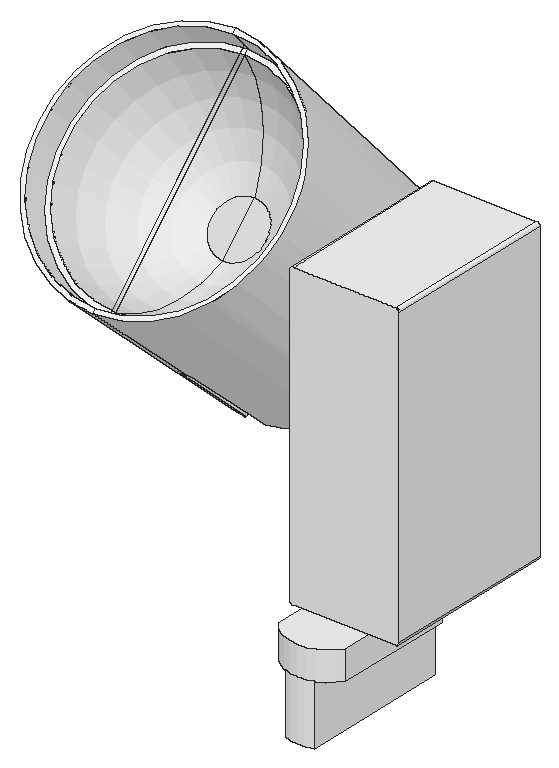
Revit family "0004834 Feilo Sylvania Lighting Fixture START TRACK SPOT L 55W 4K RA80 WB WHITE", category Lighting Fixtures, host Face, Revit 2017 (continued)
Definition of nested family "Start Track Spot Head"
  Types (96, lengths in mm): name | Wattage | built-in parameter 1150134 | Photometric Web File | Model | built-in parameter 1150105 | Lumens | built-in parameter 1150107 | built-in parameter 1150106 | HeadThickness_FEILO | HeadRibOffset_FEILO | HeadRibDepth_FEILO | HeadRibCutWidth_FEILO | HeadRibCutOffset_FEILO | HeadReflectorRadius_FEILO | HeadReflectorOffset_FEILO | HeadLEDRadius_FEILO | HeadHeight_FEILO | HeadDiffusorOffset_FEILO | HeadDiaOut_FEILO | HeadDiaIn_FEILO | HeadAxisFromTop_FEILO | Emit from Circle Diameter | built-in parameter 1150104 | Description | Apparent Load
    0004864 START TRACK SPOT S 24W 3K RA90 WB WHITE | 24 W | (empty or 0) | "0004864.ies" | "START TRACK SPOT S 24W 3K RA90 WB WHITE" | 152.79 (stored number, unit not read) | 1920 lm | 3000 (stored number, unit not read) | 1.5279 (stored number, unit not read) | 1.5 | 4.179 | 55.714 | 7.167 | 50.87 | 50.588 | 55.714 | 9.556 | 117 | 9.435 | 86 | 77.477 | 69.354 | 77.477 | 7.4322 (stored number, unit not read) | "Integrated LED spotlight, Textured White - RAL9016, compact and minimalist design, ideal for retail applications, die-cast aluminium body, passive cooling heatsink. Beam angle: 64°, color temperature: 3000K , total system power: 24W, total fixture output: 1928 lm, LOR: 100%, colour rendering: Ra: 90 typical, LED Chromaticity: 3 step MacAdam ellipse, lifetime: >50000 hours at L70B50, energy class: A++, A+, A, IR/UV free light source without heat radiation, operating voltage: 220-240V / 50-60Hz, drive current: 600mA, electronic driver, non-dimmable, power factor: 0.95, electrical protection: Class II, Global Track 3 Phase adapter suitable for Global trac 3-circuit tracks, ingress protection rating: IP20, suitable for internal environment only, horizontal rotation: 355°, vertical tilt: 90°, dimensions: Ø86x140x200, weight: 0.966kg." | 24 VA
    0004863 START TRACK SPOT S 24W 3K RA90 MB WHITE | 24 W | (empty or 0) | "0004863.ies" | "START TRACK SPOT S 24W 3K RA90 MB WHITE" | 154.7 (stored number, unit not read) | 1944 lm | 3000 (stored number, unit not read) | 1.547 (stored number, unit not read) | 1.5 | 4.179 | 55.714 | 7.167 | 50.87 | 50.588 | 55.714 | 9.556 | 117 | 9.435 | 86 | 77.477 | 69.354 | 77.477 | 7.5251 (stored number, unit not read) | "Integrated LED spotlight, Textured White - RAL9016, compact and minimalist design, ideal for retail applications, die-cast aluminium body, passive cooling heatsink. Beam angle: 36°, color temperature: 3000K , total system power: 24W, total fixture output: 1944 lm, LOR: 100%, colour rendering: Ra: 90 typical, LED Chromaticity: 3 step MacAdam ellipse, lifetime: >50000 hours at L70B50, energy class: A++, A+, A, IR/UV free light source without heat radiation, operating voltage: 220-240V / 50-60Hz, drive current: 600mA, electronic driver, non-dimmable, power factor: 0.95, electrical protection: Class II, Global Track 3 Phase adapter suitable for Global trac 3-circuit tracks, ingress protection rating: IP20, suitable for internal environment only, horizontal rotation: 355°, vertical tilt: 90°, dimensions: Ø86x140x200, weight: 0.966kg." | 24 VA
    0004862 START TRACK SPOT S 24W 3K RA90 NB WHITE | 24 W | (empty or 0) | "0004862.ies" | "START TRACK SPOT S 24W 3K RA90 NB WHITE" | 158.52 (stored number, unit not read) | 1992 lm | 3000 (stored number, unit not read) | 1.5852 (stored number, unit not read) | 1.5 | 4.179 | 55.714 | 7.167 | 50.87 | 50.588 | 55.714 | 9.556 | 117 | 9.435 | 86 | 77.477 | 69.354 | 77.477 | 7.711 (stored number, unit not read) | "Integrated LED spotlight, Textured White - RAL9016, compact and minimalist design, ideal for retail applications, die-cast aluminium body, passive cooling heatsink. Beam angle: 12°, color temperature: 3000K , total system power: 24W, total fixture output: 1987 lm, LOR: 100%, colour rendering: Ra: 90 typical, LED Chromaticity: 3 step MacAdam ellipse, lifetime: >50000 hours at L70B50, energy class: A++, A+, A, IR/UV free light source without heat radiation, operating voltage: 220-240V / 50-60Hz, drive current: 600mA, electronic driver, non-dimmable, power factor: 0.95, electrical protection: Class II, Global Track 3 Phase adapter suitable for Global trac 3-circuit tracks, ingress protection rating: IP20, suitable for internal environment only, horizontal rotation: 355°, vertical tilt: 90°, dimensions: Ø86x140x200, weight: 0.966kg." | 24 VA
    0004861 START TRACK SPOT S 14W 3K RA90 WB WHITE | 14 W | (empty or 0) | "0004861.ies" | "START TRACK SPOT S 14W 3K RA90 WB WHITE" | 100.27 (stored number, unit not read) | 1260 lm | 3000 (stored number, unit not read) | 1.0027 (stored number, unit not read) | 1.5 | 4.179 | 55.714 | 7.167 | 50.87 | 50.588 | 55.714 | 9.556 | 117 | 9.435 | 86 | 77.477 | 69.354 | 77.477 | 8.3613 (stored number, unit not read) | "Integrated LED spotlight, Textured White - RAL9016, compact and minimalist design, ideal for retail applications, die-cast aluminium body, passive cooling heatsink. Beam angle: 64°, color temperature: 3000K , total system power: 14W, total fixture output: 1262 lm, LOR: 100%, colour rendering: Ra: 90 typical, LED Chromaticity: 3 step MacAdam ellipse, lifetime: >50000 hours at L70B50, energy class: A++, A+, A, IR/UV free light source without heat radiation, operating voltage: 220-240V / 50-60Hz, drive current: 350mA, electronic driver, non-dimmable, power factor: 0.92, electrical protection: Class II, Global Track 3 Phase adapter suitable for Global trac 3-circuit tracks, ingress protection rating: IP20, suitable for internal environment only, horizontal rotation: 355°, vertical tilt: 90°, dimensions: Ø86x140x200, weight: 0.940kg." | 14 VA
    0004860 START TRACK SPOT S 14W 3K RA90 MB WHITE | 14 W | (empty or 0) | "0004860.ies" | "START TRACK SPOT S 14W 3K RA90 MB WHITE" | 100.27 (stored number, unit not read) | 1260 lm | 3000 (stored number, unit not read) | 1.0027 (stored number, unit not read) | 1.5 | 4.179 | 55.714 | 7.167 | 50.87 | 50.588 | 55.714 | 9.556 | 117 | 9.435 | 86 | 77.477 | 69.354 | 77.477 | 8.3613 (stored number, unit not read) | "Integrated LED spotlight, Textured White - RAL9016, compact and minimalist design, ideal for retail applications, die-cast aluminium body, passive cooling heatsink. Beam angle: 36°, color temperature: 3000K , total system power: 14W, total fixture output: 1262 lm, LOR: 100%, colour rendering: Ra: 90 typical, LED Chromaticity: 3 step MacAdam ellipse, lifetime: >50000 hours at L70B50, energy class: A++, A+, A, IR/UV free light source without heat radiation, operating voltage: 220-240V / 50-60Hz, drive current: 350mA, electronic driver, non-dimmable, power factor: 0.92, electrical protection: Class II, Global Track 3 Phase adapter suitable for Global trac 3-circuit tracks, ingress protection rating: IP20, suitable for internal environment only, horizontal rotation: 355°, vertical tilt: 90°, dimensions: Ø86x140x200, weight: 0.940kg." | 14 VA
    0004859 START TRACK SPOT S 14W 3K RA90 NB WHITE | 14 W | (empty or 0) | "0004859.ies" | "START TRACK SPOT S 14W 3K RA90 NB WHITE" | 102.5 (stored number, unit not read) | 1288 lm | 3000 (stored number, unit not read) | 1.025 (stored number, unit not read) | 1.5 | 4.179 | 55.714 | 7.167 | 50.87 | 50.588 | 55.714 | 9.556 | 117 | 9.435 | 86 | 77.477 | 69.354 | 77.477 | 8.5471 (stored number, unit not read) | "Integrated LED spotlight, Textured White - RAL9016, compact and minimalist design, ideal for retail applications, die-cast aluminium body, passive cooling heatsink. Beam angle: 12°, color temperature: 3000K , total system power: 14W, total fixture output: 1284 lm, LOR: 100%, colour rendering: Ra: 90 typical, LED Chromaticity: 3 step MacAdam ellipse, lifetime: >50000 hours at L70B50, energy class: A++, A+, A, IR/UV free light source without heat radiation, operating voltage: 220-240V / 50-60Hz, drive current: 350mA, electronic driver, non-dimmable, power factor: 0.92, electrical protection: Class II, Global Track 3 Phase adapter suitable for Global trac 3-circuit tracks, ingress protection rating: IP20, suitable for internal environment only, horizontal rotation: 355°, vertical tilt: 90°, dimensions: Ø86x140x200, weight: 0.940kg." | 14 VA
    0004858 START TRACK SPOT L 55W 4K RA80 WB BLACK | 55 W | 12 | "0004858.ies" | "START TRACK SPOT L 55W 4K RA80 WB BLACK" | 424.55 (stored number, unit not read) | 5335 lm | 4000 (stored number, unit not read) | 4.2455 (stored number, unit not read) | 2 | 4.429 | 59.048 | 9.417 | 53.913 | 66.471 | 59.048 | 12.556 | 124 | 10 | 113 | 101.802 | 73.503 | 101.802 | 9.0116 (stored number, unit not read) | "Integrated LED spotlight, Textured Black - RAL9005, compact and minimalist design, ideal for retail applications, die-cast aluminium body, passive cooling heatsink. Beam angle: 52°, color temperature: 4000K , total system power: 55W, total fixture output: 5320 lm, LOR: 100%, colour rendering: Ra: 80 typical, LED Chromaticity: 3 step MacAdam ellipse, lifetime: >50000 hours at L70B50, energy class: A++, A+, A, IR/UV free light source without heat radiation, operating voltage: 220-240V / 50-60Hz, drive current: 1400mA, electronic driver, non-dimmable, power factor: 0.96, electrical protection: Class II, Global Track 3 Phase adapter suitable for Global trac 3-circuit tracks, ingress protection rating: IP20, suitable for internal environment only, horizontal rotation: 355°, vertical tilt: 90°, dimensions: Ø113x164x240, weight: 1.398kg." | 55 VA
    0004857 START TRACK SPOT L 55W 4K RA80 MB BLACK | 55 W | 12 | "0004857.ies" | "START TRACK SPOT L 55W 4K RA80 MB BLACK" | 428.92 (stored number, unit not read) | 5390 lm | 4000 (stored number, unit not read) | 4.2892 (stored number, unit not read) | 2 | 4.429 | 59.048 | 9.417 | 53.913 | 66.471 | 59.048 | 12.556 | 124 | 10 | 113 | 101.802 | 73.503 | 101.802 | 9.1045 (stored number, unit not read) | "Integrated LED spotlight, Textured Black - RAL9005, compact and minimalist design, ideal for retail applications, die-cast aluminium body, passive cooling heatsink. Beam angle: 38°, color temperature: 4000K , total system power: 55W, total fixture output: 5378 lm, LOR: 100%, colour rendering: Ra: 80 typical, LED Chromaticity: 3 step MacAdam ellipse, lifetime: >50000 hours at L70B50, energy class: A++, A+, A, IR/UV free light source without heat radiation, operating voltage: 220-240V / 50-60Hz, drive current: 1400mA, electronic driver, non-dimmable, power factor: 0.96, electrical protection: Class II, Global Track 3 Phase adapter suitable for Global trac 3-circuit tracks, ingress protection rating: IP20, suitable for internal environment only, horizontal rotation: 355°, vertical tilt: 90°, dimensions: Ø113x164x240, weight: 1.398kg." | 55 VA
    0004856 START TRACK SPOT L 55W 4K RA80 NB BLACK | 55 W | 12 | "0004856.ies" | "START TRACK SPOT L 55W 4K RA80 NB BLACK" | 433.3 (stored number, unit not read) | 5445 lm | 4000 (stored number, unit not read) | 4.333 (stored number, unit not read) | 2 | 4.429 | 59.048 | 9.417 | 53.913 | 66.471 | 59.048 | 12.556 | 124 | 10 | 113 | 101.802 | 73.503 | 101.802 | 9.1974 (stored number, unit not read) | "Integrated LED spotlight, Textured Black - RAL9005, compact and minimalist design, ideal for retail applications, die-cast aluminium body, passive cooling heatsink. Beam angle: 15°, color temperature: 4000K , total system power: 55W, total fixture output: 5426 lm, LOR: 100%, colour rendering: Ra: 80 typical, LED Chromaticity: 3 step MacAdam ellipse, lifetime: >50000 hours at L70B50, energy class: A++, A+, A, IR/UV free light source without heat radiation, operating voltage: 220-240V / 50-60Hz, drive current: 1400mA, electronic driver, non-dimmable, power factor: 0.96, electrical protection: Class II, Global Track 3 Phase adapter suitable for Global trac 3-circuit tracks, ingress protection rating: IP20, suitable for internal environment only, horizontal rotation: 355°, vertical tilt: 90°, dimensions: Ø113x164x240, weight: 1.398kg." | 55 VA
    0004855 START TRACK SPOT L 35W 4K RA80 WB BLACK | 35 W | 12 | "0004855.ies" | "START TRACK SPOT L 35W 4K RA80 WB BLACK" | 320.3 (stored number, unit not read) | 4025 lm | 4000 (stored number, unit not read) | 3.203 (stored number, unit not read) | 2 | 4.429 | 59.048 | 9.417 | 53.913 | 66.471 | 59.048 | 12.556 | 124 | 10 | 113 | 101.802 | 73.503 | 101.802 | 10.684 (stored number, unit not read) | "Integrated LED spotlight, Textured Black - RAL9005, compact and minimalist design, ideal for retail applications, die-cast aluminium body, passive cooling heatsink. Beam angle: 52°, color temperature: 4000K , total system power: 35W, total fixture output: 4010 lm, LOR: 100%, colour rendering: Ra: 80 typical, LED Chromaticity: 3 step MacAdam ellipse, lifetime: >50000 hours at L70B50, energy class: A++, A+, A, IR/UV free light source without heat radiation, operating voltage: 220-240V / 50-60Hz, drive current: 900mA, electronic driver, non-dimmable, power factor: 0.93, electrical protection: Class II, Global Track 3 Phase adapter suitable for Global trac 3-circuit tracks, ingress protection rating: IP20, suitable for internal environment only, horizontal rotation: 355°, vertical tilt: 90°, dimensions: Ø113x164x240, weight: 1.368kg." | 35 VA
    0004854 START TRACK SPOT L 35W 4K RA80 MB BLACK | 35 W | 12 | "0004854.ies" | "START TRACK SPOT L 35W 4K RA80 MB BLACK" | 320.3 (stored number, unit not read) | 4025 lm | 4000 (stored number, unit not read) | 3.203 (stored number, unit not read) | 2 | 4.429 | 59.048 | 9.417 | 53.913 | 66.471 | 59.048 | 12.556 | 124 | 10 | 113 | 101.802 | 73.503 | 101.802 | 10.684 (stored number, unit not read) | "Integrated LED spotlight, Textured Black - RAL9005, compact and minimalist design, ideal for retail applications, die-cast aluminium body, passive cooling heatsink. Beam angle: 38°, color temperature: 4000K , total system power: 35W, total fixture output: 4017 lm, LOR: 100%, colour rendering: Ra: 80 typical, LED Chromaticity: 3 step MacAdam ellipse, lifetime: >50000 hours at L70B50, energy class: A++, A+, A, IR/UV free light source without heat radiation, operating voltage: 220-240V / 50-60Hz, drive current: 900mA, electronic driver, non-dimmable, power factor: 0.93, electrical protection: Class II, Global Track 3 Phase adapter suitable for Global trac 3-circuit tracks, ingress protection rating: IP20, suitable for internal environment only, horizontal rotation: 355°, vertical tilt: 90°, dimensions: Ø113x164x240, weight: 1.368kg." | 35 VA
    0004853 START TRACK SPOT L 35W 4K RA80 NB BLACK | 35 W | 12 | "0004853.ies" | "START TRACK SPOT L 35W 4K RA80 NB BLACK" | 331.44 (stored number, unit not read) | 4165 lm | 4000 (stored number, unit not read) | 3.3144 (stored number, unit not read) | 2 | 4.429 | 59.048 | 9.417 | 53.913 | 66.471 | 59.048 | 12.556 | 124 | 10 | 113 | 101.802 | 73.503 | 101.802 | 11.055 (stored number, unit not read) | "Integrated LED spotlight, Textured Black - RAL9005, compact and minimalist design, ideal for retail applications, die-cast aluminium body, passive cooling heatsink. Beam angle: 15°, color temperature: 4000K , total system power: 35W, total fixture output: 4174 lm, LOR: 100%, colour rendering: Ra: 80 typical, LED Chromaticity: 3 step MacAdam ellipse, lifetime: >50000 hours at L70B50, energy class: A++, A+, A, IR/UV free light source without heat radiation, operating voltage: 220-240V / 50-60Hz, drive current: 900mA, electronic driver, non-dimmable, power factor: 0.93, electrical protection: Class II, Global Track 3 Phase adapter suitable for Global trac 3-circuit tracks, ingress protection rating: IP20, suitable for internal environment only, horizontal rotation: 355°, vertical tilt: 90°, dimensions: Ø113x164x240, weight: 1.368kg." | 35 VA
    0004852 START TRACK SPOT S 24W 4K RA80 WB BLACK | 24 W | 12 | "0004852.ies" | "START TRACK SPOT S 24W 4K RA80 WB BLACK" | 196.72 (stored number, unit not read) | 2472 lm | 4000 (stored number, unit not read) | 1.9672 (stored number, unit not read) | 1.5 | 4.179 | 55.714 | 7.167 | 50.87 | 50.588 | 55.714 | 9.556 | 117 | 9.435 | 86 | 77.477 | 69.354 | 77.477 | 9.569 (stored number, unit not read) | "Integrated LED spotlight, Textured Black - RAL9005, compact and minimalist design, ideal for retail applications, die-cast aluminium body, passive cooling heatsink. Beam angle: 64°, color temperature: 4000K , total system power: 24W, total fixture output: 2476 lm, LOR: 100%, colour rendering: Ra: 80 typical, LED Chromaticity: 3 step MacAdam ellipse, lifetime: >50000 hours at L70B50, energy class: A++, A+, A, IR/UV free light source without heat radiation, operating voltage: 220-240V / 50-60Hz, drive current: 600mA, electronic driver, non-dimmable, power factor: 0.95, electrical protection: Class II, Global Track 3 Phase adapter suitable for Global trac 3-circuit tracks, ingress protection rating: IP20, suitable for internal environment only, horizontal rotation: 355°, vertical tilt: 90°, dimensions: Ø86x140x200, weight: 0.966kg." | 24 VA
    0004851 START TRACK SPOT S 24W 4K RA80 MB BLACK | 24 W | 12 | "0004851.ies" | "START TRACK SPOT S 24W 4K RA80 MB BLACK" | 198.63 (stored number, unit not read) | 2496 lm | 4000 (stored number, unit not read) | 1.9863 (stored number, unit not read) | 1.5 | 4.179 | 55.714 | 7.167 | 50.87 | 50.588 | 55.714 | 9.556 | 117 | 9.435 | 86 | 77.477 | 69.354 | 77.477 | 9.6619 (stored number, unit not read) | "Integrated LED spotlight, Textured Black - RAL9005, compact and minimalist design, ideal for retail applications, die-cast aluminium body, passive cooling heatsink. Beam angle: 36°, color temperature: 4000K , total system power: 24W, total fixture output: 2487 lm, LOR: 100%, colour rendering: Ra: 80 typical, LED Chromaticity: 3 step MacAdam ellipse, lifetime: >50000 hours at L70B50, energy class: A++, A+, A, IR/UV free light source without heat radiation, operating voltage: 220-240V / 50-60Hz, drive current: 600mA, electronic driver, non-dimmable, power factor: 0.95, electrical protection: Class II, Global Track 3 Phase adapter suitable for Global trac 3-circuit tracks, ingress protection rating: IP20, suitable for internal environment only, horizontal rotation: 355°, vertical tilt: 90°, dimensions: Ø86x140x200, weight: 0.966kg." | 24 VA
    0004850 START TRACK SPOT S 24W 4K RA80 NB BLACK | 24 W | 12 | "0004850.ies" | "START TRACK SPOT S 24W 4K RA80 NB BLACK" | 200.54 (stored number, unit not read) | 2520 lm | 4000 (stored number, unit not read) | 2.0054 (stored number, unit not read) | 1.5 | 4.179 | 55.714 | 7.167 | 50.87 | 50.588 | 55.714 | 9.556 | 117 | 9.435 | 86 | 77.477 | 69.354 | 77.477 | 9.7548 (stored number, unit not read) | "Integrated LED spotlight, Textured Black - RAL9005, compact and minimalist design, ideal for retail applications, die-cast aluminium body, passive cooling heatsink. Beam angle: 12°, color temperature: 4000K , total system power: 24W, total fixture output: 2529 lm, LOR: 100%, colour rendering: Ra: 80 typical, LED Chromaticity: 3 step MacAdam ellipse, lifetime: >50000 hours at L70B50, energy class: A++, A+, A, IR/UV free light source without heat radiation, operating voltage: 220-240V / 50-60Hz, drive current: 600mA, electronic driver, non-dimmable, power factor: 0.95, electrical protection: Class II, Global Track 3 Phase adapter suitable for Global trac 3-circuit tracks, ingress protection rating: IP20, suitable for internal environment only, horizontal rotation: 355°, vertical tilt: 90°, dimensions: Ø86x140x200, weight: 0.966kg." | 24 VA
    0004849 START TRACK SPOT S 14W 4K RA80 WB BLACK | 14 W | 12 | "0004849.ies" | "START TRACK SPOT S 14W 4K RA80 WB BLACK" | 123.66 (stored number, unit not read) | 1554 lm | 4000 (stored number, unit not read) | 1.2366 (stored number, unit not read) | 1.5 | 4.179 | 55.714 | 7.167 | 50.87 | 50.588 | 55.714 | 9.556 | 117 | 9.435 | 86 | 77.477 | 69.354 | 77.477 | 10.312 (stored number, unit not read) | "Integrated LED spotlight, Textured Black - RAL9005, compact and minimalist design, ideal for retail applications, die-cast aluminium body, passive cooling heatsink. Beam angle: 64°, color temperature: 4000K , total system power: 14W, total fixture output: 1558 lm, LOR: 100%, colour rendering: Ra: 80 typical, LED Chromaticity: 3 step MacAdam ellipse, lifetime: >50000 hours at L70B50, energy class: A++, A+, A, IR/UV free light source without heat radiation, operating voltage: 220-240V / 50-60Hz, drive current: 350mA, electronic driver, non-dimmable, power factor: 0.92, electrical protection: Class II, Global Track 3 Phase adapter suitable for Global trac 3-circuit tracks, ingress protection rating: IP20, suitable for internal environment only, horizontal rotation: 355°, vertical tilt: 90°, dimensions: Ø86x140x200, weight: 0.940kg." | 14 VA
    0004848 START TRACK SPOT S 14W 4K RA80 MB BLACK | 14 W | 12 | "0004848.ies" | "START TRACK SPOT S 14W 4K RA80 MB BLACK" | 127.01 (stored number, unit not read) | 1596 lm | 4000 (stored number, unit not read) | 1.2701 (stored number, unit not read) | 1.5 | 4.179 | 55.714 | 7.167 | 50.87 | 50.588 | 55.714 | 9.556 | 117 | 9.435 | 86 | 77.477 | 69.354 | 77.477 | 10.591 (stored number, unit not read) | "Integrated LED spotlight, Textured Black - RAL9005, compact and minimalist design, ideal for retail applications, die-cast aluminium body, passive cooling heatsink. Beam angle: 36°, color temperature: 4000K , total system power: 14W, total fixture output: 1598 lm, LOR: 100%, colour rendering: Ra: 80 typical, LED Chromaticity: 3 step MacAdam ellipse, lifetime: >50000 hours at L70B50, energy class: A++, A+, A, IR/UV free light source without heat radiation, operating voltage: 220-240V / 50-60Hz, drive current: 350mA, electronic driver, non-dimmable, power factor: 0.92, electrical protection: Class II, Global Track 3 Phase adapter suitable for Global trac 3-circuit tracks, ingress protection rating: IP20, suitable for internal environment only, horizontal rotation: 355°, vertical tilt: 90°, dimensions: Ø86x140x200, weight: 0.940kg." | 14 VA
    0004847 START TRACK SPOT S 14W 4K RA80 NB BLACK | 14 W | 12 | "0004847.ies" | "START TRACK SPOT S 14W 4K RA80 NB BLACK" | 128.12 (stored number, unit not read) | 1610 lm | 4000 (stored number, unit not read) | 1.2812 (stored number, unit not read) | 1.5 | 4.179 | 55.714 | 7.167 | 50.87 | 50.588 | 55.714 | 9.556 | 117 | 9.435 | 86 | 77.477 | 69.354 | 77.477 | 10.684 (stored number, unit not read) | "Integrated LED spotlight, Textured Black - RAL9005, compact and minimalist design, ideal for retail applications, die-cast aluminium body, passive cooling heatsink. Beam angle: 12°, color temperature: 4000K , total system power: 14W, total fixture output: 1608 lm, LOR: 100%, colour rendering: Ra: 80 typical, LED Chromaticity: 3 step MacAdam ellipse, lifetime: >50000 hours at L70B50, energy class: A++, A+, A, IR/UV free light source without heat radiation, operating voltage: 220-240V / 50-60Hz, drive current: 350mA, electronic driver, non-dimmable, power factor: 0.92, electrical protection: Class II, Global Track 3 Phase adapter suitable for Global trac 3-circuit tracks, ingress protection rating: IP20, suitable for internal environment only, horizontal rotation: 355°, vertical tilt: 90°, dimensions: Ø86x140x200, weight: 0.940kg." | 14 VA
    0004846 START TRACK SPOT L 55W 3K RA80 WB BLACK | 55 W | (empty or 0) | "0004846.ies" | "START TRACK SPOT L 55W 3K RA80 WB BLACK" | 420.17 (stored number, unit not read) | 5280 lm | 3000 (stored number, unit not read) | 4.2017 (stored number, unit not read) | 2 | 4.429 | 59.048 | 9.417 | 53.913 | 66.471 | 59.048 | 12.556 | 124 | 10 | 113 | 101.802 | 73.503 | 101.802 | 8.9187 (stored number, unit not read) | "Integrated LED spotlight, Textured Black - RAL9005, compact and minimalist design, ideal for retail applications, die-cast aluminium body, passive cooling heatsink. Beam angle: 52°, color temperature: 3000K , total system power: 55W, total fixture output: 5298 lm, LOR: 100%, colour rendering: Ra: 80 typical, LED Chromaticity: 3 step MacAdam ellipse, lifetime: >50000 hours at L70B50, energy class: A++, A+, A, IR/UV free light source without heat radiation, operating voltage: 220-240V / 50-60Hz, drive current: 1400mA, electronic driver, non-dimmable, power factor: 0.96, electrical protection: Class II, Global Track 3 Phase adapter suitable for Global trac 3-circuit tracks, ingress protection rating: IP20, suitable for internal environment only, horizontal rotation: 355°, vertical tilt: 90°, dimensions: Ø113x164x240, weight: 1.398kg." | 55 VA
    0004845 START TRACK SPOT L 55W 3K RA80 MB BLACK | 55 W | (empty or 0) | "0004845.ies" | "START TRACK SPOT L 55W 3K RA80 MB BLACK" | 428.92 (stored number, unit not read) | 5390 lm | 3000 (stored number, unit not read) | 4.2892 (stored number, unit not read) | 2 | 4.429 | 59.048 | 9.417 | 53.913 | 66.471 | 59.048 | 12.556 | 124 | 10 | 113 | 101.802 | 73.503 | 101.802 | 9.1045 (stored number, unit not read) | "Integrated LED spotlight, Textured Black - RAL9005, compact and minimalist design, ideal for retail applications, die-cast aluminium body, passive cooling heatsink. Beam angle: 38°, color temperature: 3000K , total system power: 55W, total fixture output: 5381 lm, LOR: 100%, colour rendering: Ra: 80 typical, LED Chromaticity: 3 step MacAdam ellipse, lifetime: >50000 hours at L70B50, energy class: A++, A+, A, IR/UV free light source without heat radiation, operating voltage: 220-240V / 50-60Hz, drive current: 1400mA, electronic driver, non-dimmable, power factor: 0.96, electrical protection: Class II, Global Track 3 Phase adapter suitable for Global trac 3-circuit tracks, ingress protection rating: IP20, suitable for internal environment only, horizontal rotation: 355°, vertical tilt: 90°, dimensions: Ø113x164x240, weight: 1.398kg." | 55 VA
    0004844 START TRACK SPOT L 55W 3K RA80 NB BLACK | 55 W | (empty or 0) | "0004844.ies" | "START TRACK SPOT L 55W 3K RA80 NB BLACK" | 433.3 (stored number, unit not read) | 5445 lm | 3000 (stored number, unit not read) | 4.333 (stored number, unit not read) | 2 | 4.429 | 59.048 | 9.417 | 53.913 | 66.471 | 59.048 | 12.556 | 124 | 10 | 113 | 101.802 | 73.503 | 101.802 | 9.1974 (stored number, unit not read) | "Integrated LED spotlight, Textured Black - RAL9005, compact and minimalist design, ideal for retail applications, die-cast aluminium body, passive cooling heatsink. Beam angle: 15°, color temperature: 3000K , total system power: 55W, total fixture output: 5449 lm, LOR: 100%, colour rendering: Ra: 80 typical, LED Chromaticity: 3 step MacAdam ellipse, lifetime: >50000 hours at L70B50, energy class: A++, A+, A, IR/UV free light source without heat radiation, operating voltage: 220-240V / 50-60Hz, drive current: 1400mA, electronic driver, non-dimmable, power factor: 0.96, electrical protection: Class II, Global Track 3 Phase adapter suitable for Global trac 3-circuit tracks, ingress protection rating: IP20, suitable for internal environment only, horizontal rotation: 355°, vertical tilt: 90°, dimensions: Ø113x164x240, weight: 1.398kg." | 55 VA
    0004843 START TRACK SPOT L 35W 3K RA80 WB BLACK | 35 W | (empty or 0) | "0004843.ies" | "START TRACK SPOT L 35W 3K RA80 WB BLACK" | 314.73 (stored number, unit not read) | 3955 lm | 3000 (stored number, unit not read) | 3.1473 (stored number, unit not read) | 2 | 4.429 | 59.048 | 9.417 | 53.913 | 66.471 | 59.048 | 12.556 | 124 | 10 | 113 | 101.802 | 73.503 | 101.802 | 10.498 (stored number, unit not read) | "Integrated LED spotlight, Textured Black - RAL9005, compact and minimalist design, ideal for retail applications, die-cast aluminium body, passive cooling heatsink. Beam angle: 52°, color temperature: 3000K , total system power: 35W, total fixture output: 3943 lm, LOR: 100%, colour rendering: Ra: 80 typical, LED Chromaticity: 3 step MacAdam ellipse, lifetime: >50000 hours at L70B50, energy class: A++, A+, A, IR/UV free light source without heat radiation, operating voltage: 220-240V / 50-60Hz, drive current: 900mA, electronic driver, non-dimmable, power factor: 0.93, electrical protection: Class II, Global Track 3 Phase adapter suitable for Global trac 3-circuit tracks, ingress protection rating: IP20, suitable for internal environment only, horizontal rotation: 355°, vertical tilt: 90°, dimensions: Ø113x164x240, weight: 1.368kg." | 35 VA
    0004842 START TRACK SPOT L 35W 3K RA80 MB BLACK | 35 W | (empty or 0) | "0004842.ies" | "START TRACK SPOT L 35W 3K RA80 MB BLACK" | 320.3 (stored number, unit not read) | 4025 lm | 3000 (stored number, unit not read) | 3.203 (stored number, unit not read) | 2 | 4.429 | 59.048 | 9.417 | 53.913 | 66.471 | 59.048 | 12.556 | 124 | 10 | 113 | 101.802 | 73.503 | 101.802 | 10.684 (stored number, unit not read) | "Integrated LED spotlight, Textured Black - RAL9005, compact and minimalist design, ideal for retail applications, die-cast aluminium body, passive cooling heatsink. Beam angle: 38°, color temperature: 3000K , total system power: 35W, total fixture output: 4008 lm, LOR: 100%, colour rendering: Ra: 80 typical, LED Chromaticity: 3 step MacAdam ellipse, lifetime: >50000 hours at L70B50, energy class: A++, A+, A, IR/UV free light source without heat radiation, operating voltage: 220-240V / 50-60Hz, drive current: 900mA, electronic driver, non-dimmable, power factor: 0.93, electrical protection: Class II, Global Track 3 Phase adapter suitable for Global trac 3-circuit tracks, ingress protection rating: IP20, suitable for internal environment only, horizontal rotation: 355°, vertical tilt: 90°, dimensions: Ø113x164x240, weight: 1.368kg." | 35 VA
    0004841 START TRACK SPOT L 35W 3K RA80 NB BLACK | 35 W | (empty or 0) | "0004841.ies" | "START TRACK SPOT L 35W 3K RA80 NB BLACK" | 317.51 (stored number, unit not read) | 3990 lm | 3000 (stored number, unit not read) | 3.1751 (stored number, unit not read) | 2 | 4.429 | 59.048 | 9.417 | 53.913 | 66.471 | 59.048 | 12.556 | 124 | 10 | 113 | 101.802 | 73.503 | 101.802 | 10.591 (stored number, unit not read) | "Integrated LED spotlight, Textured Black - RAL9005, compact and minimalist design, ideal for retail applications, die-cast aluminium body, passive cooling heatsink. Beam angle: 15°, color temperature: 3000K , total system power: 35W, total fixture output: 4005 lm, LOR: 100%, colour rendering: Ra: 80 typical, LED Chromaticity: 3 step MacAdam ellipse, lifetime: >50000 hours at L70B50, energy class: A++, A+, A, IR/UV free light source without heat radiation, operating voltage: 220-240V / 50-60Hz, drive current: 900mA, electronic driver, non-dimmable, power factor: 0.93, electrical protection: Class II, Global Track 3 Phase adapter suitable for Global trac 3-circuit tracks, ingress protection rating: IP20, suitable for internal environment only, horizontal rotation: 355°, vertical tilt: 90°, dimensions: Ø113x164x240, weight: 1.368kg." | 35 VA
    0004840 START TRACK SPOT S 24W 3K RA80 WB BLACK | 24 W | (empty or 0) | "0004840.ies" | "START TRACK SPOT S 24W 3K RA80 WB BLACK" | 185.26 (stored number, unit not read) | 2328 lm | 3000 (stored number, unit not read) | 1.8526 (stored number, unit not read) | 1.5 | 4.179 | 55.714 | 7.167 | 50.87 | 50.588 | 55.714 | 9.556 | 117 | 9.435 | 86 | 77.477 | 69.354 | 77.477 | 9.0116 (stored number, unit not read) | "Integrated LED spotlight, Textured Black - RAL9005, compact and minimalist design, ideal for retail applications, die-cast aluminium body, passive cooling heatsink. Beam angle: 64°, color temperature: 3000K , total system power: 24W, total fixture output: 2318 lm, LOR: 100%, colour rendering: Ra: 80 typical, LED Chromaticity: 3 step MacAdam ellipse, lifetime: >50000 hours at L70B50, energy class: A++, A+, A, IR/UV free light source without heat radiation, operating voltage: 220-240V / 50-60Hz, drive current: 600mA, electronic driver, non-dimmable, power factor: 0.95, electrical protection: Class II, Global Track 3 Phase adapter suitable for Global trac 3-circuit tracks, ingress protection rating: IP20, suitable for internal environment only, horizontal rotation: 355°, vertical tilt: 90°, dimensions: Ø86x140x200, weight: 0.966kg." | 24 VA
    0004839 START TRACK SPOT S 24W 3K RA80 MB BLACK | 24 W | (empty or 0) | "0004839.ies" | "START TRACK SPOT S 24W 3K RA80 MB BLACK" | 183.35 (stored number, unit not read) | 2304 lm | 3000 (stored number, unit not read) | 1.8335 (stored number, unit not read) | 1.5 | 4.179 | 55.714 | 7.167 | 50.87 | 50.588 | 55.714 | 9.556 | 117 | 9.435 | 86 | 77.477 | 69.354 | 77.477 | 8.9187 (stored number, unit not read) | "Integrated LED spotlight, Textured Black - RAL9005, compact and minimalist design, ideal for retail applications, die-cast aluminium body, passive cooling heatsink. Beam angle: 36°, color temperature: 3000K , total system power: 24W, total fixture output: 2314 lm, LOR: 100%, colour rendering: Ra: 80 typical, LED Chromaticity: 3 step MacAdam ellipse, lifetime: >50000 hours at L70B50, energy class: A++, A+, A, IR/UV free light source without heat radiation, operating voltage: 220-240V / 50-60Hz, drive current: 600mA, electronic driver, non-dimmable, power factor: 0.95, electrical protection: Class II, Global Track 3 Phase adapter suitable for Global trac 3-circuit tracks, ingress protection rating: IP20, suitable for internal environment only, horizontal rotation: 355°, vertical tilt: 90°, dimensions: Ø86x140x200, weight: 0.966kg." | 24 VA
    0004838 START TRACK SPOT S 24W 3K RA80 NB BLACK | 24 W | (empty or 0) | "0004838.ies" | "START TRACK SPOT S 24W 3K RA80 NB BLACK" | 185.26 (stored number, unit not read) | 2328 lm | 3000 (stored number, unit not read) | 1.8526 (stored number, unit not read) | 1.5 | 4.179 | 55.714 | 7.167 | 50.87 | 50.588 | 55.714 | 9.556 | 117 | 9.435 | 86 | 77.477 | 69.354 | 77.477 | 9.0116 (stored number, unit not read) | "Integrated LED spotlight, Textured Black - RAL9005, compact and minimalist design, ideal for retail applications, die-cast aluminium body, passive cooling heatsink. Beam angle: 12°, color temperature: 3000K , total system power: 24W, total fixture output: 2334 lm, LOR: 100%, colour rendering: Ra: 80 typical, LED Chromaticity: 3 step MacAdam ellipse, lifetime: >50000 hours at L70B50, energy class: A++, A+, A, IR/UV free light source without heat radiation, operating voltage: 220-240V / 50-60Hz, drive current: 600mA, electronic driver, non-dimmable, power factor: 0.95, electrical protection: Class II, Global Track 3 Phase adapter suitable for Global trac 3-circuit tracks, ingress protection rating: IP20, suitable for internal environment only, horizontal rotation: 355°, vertical tilt: 90°, dimensions: Ø86x140x200, weight: 0.966kg." | 24 VA
    0004837 START TRACK SPOT S 14W 3K RA80 WB BLACK | 14 W | (empty or 0) | "0004837.ies" | "START TRACK SPOT S 14W 3K RA80 WB BLACK" | 119.21 (stored number, unit not read) | 1498 lm | 3000 (stored number, unit not read) | 1.1921 (stored number, unit not read) | 1.5 | 4.179 | 55.714 | 7.167 | 50.87 | 50.588 | 55.714 | 9.556 | 117 | 9.435 | 86 | 77.477 | 69.354 | 77.477 | 9.9406 (stored number, unit not read) | "Integrated LED spotlight, Textured Black - RAL9005, compact and minimalist design, ideal for retail applications, die-cast aluminium body, passive cooling heatsink. Beam angle: 64°, color temperature: 3000K , total system power: 14W, total fixture output: 1498 lm, LOR: 100%, colour rendering: Ra: 80 typical, LED Chromaticity: 3 step MacAdam ellipse, lifetime: >50000 hours at L70B50, energy class: A++, A+, A, IR/UV free light source without heat radiation, operating voltage: 220-240V / 50-60Hz, drive current: 350mA, electronic driver, non-dimmable, power factor: 0.92, electrical protection: Class II, Global Track 3 Phase adapter suitable for Global trac 3-circuit tracks, ingress protection rating: IP20, suitable for internal environment only, horizontal rotation: 355°, vertical tilt: 90°, dimensions: Ø86x140x200, weight: 0.940kg." | 14 VA
    0004836 START TRACK SPOT S 14W 3K RA80 MB BLACK | 14 W | (empty or 0) | "0004836.ies" | "START TRACK SPOT S 14W 3K RA80 MB BLACK" | 120.32 (stored number, unit not read) | 1512 lm | 3000 (stored number, unit not read) | 1.2032 (stored number, unit not read) | 1.5 | 4.179 | 55.714 | 7.167 | 50.87 | 50.588 | 55.714 | 9.556 | 117 | 9.435 | 86 | 77.477 | 69.354 | 77.477 | 10.034 (stored number, unit not read) | "Integrated LED spotlight, Textured Black - RAL9005, compact and minimalist design, ideal for retail applications, die-cast aluminium body, passive cooling heatsink. Beam angle: 36°, color temperature: 3000K , total system power: 14W, total fixture output: 1508 lm, LOR: 100%, colour rendering: Ra: 80 typical, LED Chromaticity: 3 step MacAdam ellipse, lifetime: >50000 hours at L70B50, energy class: A++, A+, A, IR/UV free light source without heat radiation, operating voltage: 220-240V / 50-60Hz, drive current: 350mA, electronic driver, non-dimmable, power factor: 0.92, electrical protection: Class II, Global Track 3 Phase adapter suitable for Global trac 3-circuit tracks, ingress protection rating: IP20, suitable for internal environment only, horizontal rotation: 355°, vertical tilt: 90°, dimensions: Ø86x140x200, weight: 0.940kg." | 14 VA
    0004835 START TRACK SPOT S 14W 3K RA80 NB BLACK | 14 W | (empty or 0) | "0004835.ies" | "START TRACK SPOT S 14W 3K RA80 NB BLACK" | 123.66 (stored number, unit not read) | 1554 lm | 3000 (stored number, unit not read) | 1.2366 (stored number, unit not read) | 1.5 | 4.179 | 55.714 | 7.167 | 50.87 | 50.588 | 55.714 | 9.556 | 117 | 9.435 | 86 | 77.477 | 69.354 | 77.477 | 10.312 (stored number, unit not read) | "Integrated LED spotlight, Textured Black - RAL9005, compact and minimalist design, ideal for retail applications, die-cast aluminium body, passive cooling heatsink. Beam angle: 12°, color temperature: 3000K , total system power: 14W, total fixture output: 1551 lm, LOR: 100%, colour rendering: Ra: 80 typical, LED Chromaticity: 3 step MacAdam ellipse, lifetime: >50000 hours at L70B50, energy class: A++, A+, A, IR/UV free light source without heat radiation, operating voltage: 220-240V / 50-60Hz, drive current: 350mA, electronic driver, non-dimmable, power factor: 0.92, electrical protection: Class II, Global Track 3 Phase adapter suitable for Global trac 3-circuit tracks, ingress protection rating: IP20, suitable for internal environment only, horizontal rotation: 355°, vertical tilt: 90°, dimensions: Ø86x140x200, weight: 0.940kg." | 14 VA
    0004834 START TRACK SPOT L 55W 4K RA80 WB WHITE | 55 W | 12 | "0004834.ies" | "START TRACK SPOT L 55W 4K RA80 WB WHITE" | 424.55 (stored number, unit not read) | 5335 lm | 4000 (stored number, unit not read) | 4.2455 (stored number, unit not read) | 2 | 4.429 | 59.048 | 9.417 | 53.913 | 66.471 | 59.048 | 12.556 | 124 | 10 | 113 | 101.802 | 73.503 | 101.802 | 9.0116 (stored number, unit not read) | "Integrated LED spotlight, Textured White - RAL9016, compact and minimalist design, ideal for retail applications, die-cast aluminium body, passive cooling heatsink. Beam angle: 52°, color temperature: 4000K , total system power: 55W, total fixture output: 5320 lm, LOR: 100%, colour rendering: Ra: 80 typical, LED Chromaticity: 3 step MacAdam ellipse, lifetime: >50000 hours at L70B50, energy class: A++, A+, A, IR/UV free light source without heat radiation, operating voltage: 220-240V / 50-60Hz, drive current: 1400mA, electronic driver, non-dimmable, power factor: 0.96, electrical protection: Class II, Global Track 3 Phase adapter suitable for Global trac 3-circuit tracks, ingress protection rating: IP20, suitable for internal environment only, horizontal rotation: 355°, vertical tilt: 90°, dimensions: Ø113x164x240, weight: 1.398kg." | 55 VA
    0004833 START TRACK SPOT L 55W 4K RA80 MB WHITE | 55 W | 12 | "0004833.ies" | "START TRACK SPOT L 55W 4K RA80 MB WHITE" | 428.92 (stored number, unit not read) | 5390 lm | 4000 (stored number, unit not read) | 4.2892 (stored number, unit not read) | 2 | 4.429 | 59.048 | 9.417 | 53.913 | 66.471 | 59.048 | 12.556 | 124 | 10 | 113 | 101.802 | 73.503 | 101.802 | 9.1045 (stored number, unit not read) | "Integrated LED spotlight, Textured White - RAL9016, compact and minimalist design, ideal for retail applications, die-cast aluminium body, passive cooling heatsink. Beam angle: 38°, color temperature: 4000K , total system power: 55W, total fixture output: 5378 lm, LOR: 100%, colour rendering: Ra: 80 typical, LED Chromaticity: 3 step MacAdam ellipse, lifetime: >50000 hours at L70B50, energy class: A++, A+, A, IR/UV free light source without heat radiation, operating voltage: 220-240V / 50-60Hz, drive current: 1400mA, electronic driver, non-dimmable, power factor: 0.96, electrical protection: Class II, Global Track 3 Phase adapter suitable for Global trac 3-circuit tracks, ingress protection rating: IP20, suitable for internal environment only, horizontal rotation: 355°, vertical tilt: 90°, dimensions: Ø113x164x240, weight: 1.398kg." | 55 VA
    0004832 START TRACK SPOT L 55W 4K RA80 NB WHITE | 55 W | 12 | "0004832.ies" | "START TRACK SPOT L 55W 4K RA80 NB WHITE" | 433.3 (stored number, unit not read) | 5445 lm | 4000 (stored number, unit not read) | 4.333 (stored number, unit not read) | 2 | 4.429 | 59.048 | 9.417 | 53.913 | 66.471 | 59.048 | 12.556 | 124 | 10 | 113 | 101.802 | 73.503 | 101.802 | 9.1974 (stored number, unit not read) | "Integrated LED spotlight, Textured White - RAL9016, compact and minimalist design, ideal for retail applications, die-cast aluminium body, passive cooling heatsink. Beam angle: 15°, color temperature: 4000K , total system power: 55W, total fixture output: 5426 lm, LOR: 100%, colour rendering: Ra: 80 typical, LED Chromaticity: 3 step MacAdam ellipse, lifetime: >50000 hours at L70B50, energy class: A++, A+, A, IR/UV free light source without heat radiation, operating voltage: 220-240V / 50-60Hz, drive current: 1400mA, electronic driver, non-dimmable, power factor: 0.96, electrical protection: Class II, Global Track 3 Phase adapter suitable for Global trac 3-circuit tracks, ingress protection rating: IP20, suitable for internal environment only, horizontal rotation: 355°, vertical tilt: 90°, dimensions: Ø113x164x240, weight: 1.398kg." | 55 VA
    0004831 START TRACK SPOT L 35W 4K RA80 WB WHITE | 35 W | 12 | "0004831.ies" | "START TRACK SPOT L 35W 4K RA80 WB WHITE" | 320.3 (stored number, unit not read) | 4025 lm | 4000 (stored number, unit not read) | 3.203 (stored number, unit not read) | 2 | 4.429 | 59.048 | 9.417 | 53.913 | 66.471 | 59.048 | 12.556 | 124 | 10 | 113 | 101.802 | 73.503 | 101.802 | 10.684 (stored number, unit not read) | "Integrated LED spotlight, Textured White - RAL9016, compact and minimalist design, ideal for retail applications, die-cast aluminium body, passive cooling heatsink. Beam angle: 52°, color temperature: 4000K , total system power: 35W, total fixture output: 4010 lm, LOR: 100%, colour rendering: Ra: 80 typical, LED Chromaticity: 3 step MacAdam ellipse, lifetime: >50000 hours at L70B50, energy class: A++, A+, A, IR/UV free light source without heat radiation, operating voltage: 220-240V / 50-60Hz, drive current: 900mA, electronic driver, non-dimmable, power factor: 0.93, electrical protection: Class II, Global Track 3 Phase adapter suitable for Global trac 3-circuit tracks, ingress protection rating: IP20, suitable for internal environment only, horizontal rotation: 355°, vertical tilt: 90°, dimensions: Ø113x164x240, weight: 1.368kg." | 35 VA
    0004830 START TRACK SPOT L 35W 4K RA80 MB WHITE | 35 W | 12 | "0004830.ies" | "START TRACK SPOT L 35W 4K RA80 MB WHITE" | 320.3 (stored number, unit not read) | 4025 lm | 4000 (stored number, unit not read) | 3.203 (stored number, unit not read) | 2 | 4.429 | 59.048 | 9.417 | 53.913 | 66.471 | 59.048 | 12.556 | 124 | 10 | 113 | 101.802 | 73.503 | 101.802 | 10.684 (stored number, unit not read) | "Integrated LED spotlight, Textured White - RAL9016, compact and minimalist design, ideal for retail applications, die-cast aluminium body, passive cooling heatsink. Beam angle: 38°, color temperature: 4000K , total system power: 35W, total fixture output: 4017 lm, LOR: 100%, colour rendering: Ra: 80 typical, LED Chromaticity: 3 step MacAdam ellipse, lifetime: >50000 hours at L70B50, energy class: A++, A+, A, IR/UV free light source without heat radiation, operating voltage: 220-240V / 50-60Hz, drive current: 900mA, electronic driver, non-dimmable, power factor: 0.93, electrical protection: Class II, Global Track 3 Phase adapter suitable for Global trac 3-circuit tracks, ingress protection rating: IP20, suitable for internal environment only, horizontal rotation: 355°, vertical tilt: 90°, dimensions: Ø113x164x240, weight: 1.368kg." | 35 VA
    0004829 START TRACK SPOT L 35W 4K RA80 NB WHITE | 35 W | 12 | "0004829.ies" | "START TRACK SPOT L 35W 4K RA80 NB WHITE" | 331.44 (stored number, unit not read) | 4165 lm | 4000 (stored number, unit not read) | 3.3144 (stored number, unit not read) | 2 | 4.429 | 59.048 | 9.417 | 53.913 | 66.471 | 59.048 | 12.556 | 124 | 10 | 113 | 101.802 | 73.503 | 101.802 | 11.055 (stored number, unit not read) | "Integrated LED spotlight, Textured White - RAL9016, compact and minimalist design, ideal for retail applications, die-cast aluminium body, passive cooling heatsink. Beam angle: 15°, color temperature: 4000K , total system power: 35W, total fixture output: 4174 lm, LOR: 100%, colour rendering: Ra: 80 typical, LED Chromaticity: 3 step MacAdam ellipse, lifetime: >50000 hours at L70B50, energy class: A++, A+, A, IR/UV free light source without heat radiation, operating voltage: 220-240V / 50-60Hz, drive current: 900mA, electronic driver, non-dimmable, power factor: 0.93, electrical protection: Class II, Global Track 3 Phase adapter suitable for Global trac 3-circuit tracks, ingress protection rating: IP20, suitable for internal environment only, horizontal rotation: 355°, vertical tilt: 90°, dimensions: Ø113x164x240, weight: 1.368kg." | 35 VA
    0004828 START TRACK SPOT S 24W 4K RA80 WB WHITE | 24 W | 12 | "0004828.ies" | "START TRACK SPOT S 24W 4K RA80 WB WHITE" | 196.72 (stored number, unit not read) | 2472 lm | 4000 (stored number, unit not read) | 1.9672 (stored number, unit not read) | 1.5 | 4.179 | 55.714 | 7.167 | 50.87 | 50.588 | 55.714 | 9.556 | 117 | 9.435 | 86 | 77.477 | 69.354 | 77.477 | 9.569 (stored number, unit not read) | "Integrated LED spotlight, Textured White - RAL9016, compact and minimalist design, ideal for retail applications, die-cast aluminium body, passive cooling heatsink. Beam angle: 64°, color temperature: 4000K , total system power: 24W, total fixture output: 2476 lm, LOR: 100%, colour rendering: Ra: 80 typical, LED Chromaticity: 3 step MacAdam ellipse, lifetime: >50000 hours at L70B50, energy class: A++, A+, A, IR/UV free light source without heat radiation, operating voltage: 220-240V / 50-60Hz, drive current: 600mA, electronic driver, non-dimmable, power factor: 0.95, electrical protection: Class II, Global Track 3 Phase adapter suitable for Global trac 3-circuit tracks, ingress protection rating: IP20, suitable for internal environment only, horizontal rotation: 355°, vertical tilt: 90°, dimensions: Ø86x140x200, weight: 0.966kg." | 24 VA
    0004827 START TRACK SPOT S 24W 4K RA80 MB WHITE | 24 W | 12 | "0004827.ies" | "START TRACK SPOT S 24W 4K RA80 MB WHITE" | 198.63 (stored number, unit not read) | 2496 lm | 4000 (stored number, unit not read) | 1.9863 (stored number, unit not read) | 1.5 | 4.179 | 55.714 | 7.167 | 50.87 | 50.588 | 55.714 | 9.556 | 117 | 9.435 | 86 | 77.477 | 69.354 | 77.477 | 9.6619 (stored number, unit not read) | "Integrated LED spotlight, Textured White - RAL9016, compact and minimalist design, ideal for retail applications, die-cast aluminium body, passive cooling heatsink. Beam angle: 36°, color temperature: 4000K , total system power: 24W, total fixture output: 2487 lm, LOR: 100%, colour rendering: Ra: 80 typical, LED Chromaticity: 3 step MacAdam ellipse, lifetime: >50000 hours at L70B50, energy class: A++, A+, A, IR/UV free light source without heat radiation, operating voltage: 220-240V / 50-60Hz, drive current: 600mA, electronic driver, non-dimmable, power factor: 0.95, electrical protection: Class II, Global Track 3 Phase adapter suitable for Global trac 3-circuit tracks, ingress protection rating: IP20, suitable for internal environment only, horizontal rotation: 355°, vertical tilt: 90°, dimensions: Ø86x140x200, weight: 0.966kg." | 24 VA
    0004826 START TRACK SPOT S 24W 4K RA80 NB WHITE | 24 W | 12 | "0004826.ies" | "START TRACK SPOT S 24W 4K RA80 NB WHITE" | 200.54 (stored number, unit not read) | 2520 lm | 4000 (stored number, unit not read) | 2.0054 (stored number, unit not read) | 1.5 | 4.179 | 55.714 | 7.167 | 50.87 | 50.588 | 55.714 | 9.556 | 117 | 9.435 | 86 | 77.477 | 69.354 | 77.477 | 9.7548 (stored number, unit not read) | "Integrated LED spotlight, Textured White - RAL9016, compact and minimalist design, ideal for retail applications, die-cast aluminium body, passive cooling heatsink. Beam angle: 12°, color temperature: 4000K , total system power: 24W, total fixture output: 2529 lm, LOR: 100%, colour rendering: Ra: 80 typical, LED Chromaticity: 3 step MacAdam ellipse, lifetime: >50000 hours at L70B50, energy class: A++, A+, A, IR/UV free light source without heat radiation, operating voltage: 220-240V / 50-60Hz, drive current: 600mA, electronic driver, non-dimmable, power factor: 0.95, electrical protection: Class II, Global Track 3 Phase adapter suitable for Global trac 3-circuit tracks, ingress protection rating: IP20, suitable for internal environment only, horizontal rotation: 355°, vertical tilt: 90°, dimensions: Ø86x140x200, weight: 0.966kg." | 24 VA
    0004825 START TRACK SPOT S 14W 4K RA80 WB WHITE | 14 W | 12 | "0004825.ies" | "START TRACK SPOT S 14W 4K RA80 WB WHITE" | 123.66 (stored number, unit not read) | 1554 lm | 4000 (stored number, unit not read) | 1.2366 (stored number, unit not read) | 1.5 | 4.179 | 55.714 | 7.167 | 50.87 | 50.588 | 55.714 | 9.556 | 117 | 9.435 | 86 | 77.477 | 69.354 | 77.477 | 10.312 (stored number, unit not read) | "Integrated LED spotlight, Textured White - RAL9016, compact and minimalist design, ideal for retail applications, die-cast aluminium body, passive cooling heatsink. Beam angle: 64°, color temperature: 4000K , total system power: 14W, total fixture output: 1558 lm, LOR: 100%, colour rendering: Ra: 80 typical, LED Chromaticity: 3 step MacAdam ellipse, lifetime: >50000 hours at L70B50, energy class: A++, A+, A, IR/UV free light source without heat radiation, operating voltage: 220-240V / 50-60Hz, drive current: 350mA, electronic driver, non-dimmable, power factor: 0.92, electrical protection: Class II, Global Track 3 Phase adapter suitable for Global trac 3-circuit tracks, ingress protection rating: IP20, suitable for internal environment only, horizontal rotation: 355°, vertical tilt: 90°, dimensions: Ø86x140x200, weight: 0.940kg." | 14 VA
    0004824 START TRACK SPOT S 14W 4K RA80 MB WHITE | 14 W | 12 | "0004824.ies" | "START TRACK SPOT S 14W 4K RA80 MB WHITE" | 127.01 (stored number, unit not read) | 1596 lm | 4000 (stored number, unit not read) | 1.2701 (stored number, unit not read) | 1.5 | 4.179 | 55.714 | 7.167 | 50.87 | 50.588 | 55.714 | 9.556 | 117 | 9.435 | 86 | 77.477 | 69.354 | 77.477 | 10.591 (stored number, unit not read) | "Integrated LED spotlight, Textured White - RAL9016, compact and minimalist design, ideal for retail applications, die-cast aluminium body, passive cooling heatsink. Beam angle: 36°, color temperature: 4000K , total system power: 14W, total fixture output: 1598 lm, LOR: 100%, colour rendering: Ra: 80 typical, LED Chromaticity: 3 step MacAdam ellipse, lifetime: >50000 hours at L70B50, energy class: A++, A+, A, IR/UV free light source without heat radiation, operating voltage: 220-240V / 50-60Hz, drive current: 350mA, electronic driver, non-dimmable, power factor: 0.92, electrical protection: Class II, Global Track 3 Phase adapter suitable for Global trac 3-circuit tracks, ingress protection rating: IP20, suitable for internal environment only, horizontal rotation: 355°, vertical tilt: 90°, dimensions: Ø86x140x200, weight: 0.940kg." | 14 VA
    0004823 START TRACK SPOT S 14W 4K RA80 NB WHITE | 14 W | 12 | "0004823.ies" | "START TRACK SPOT S 14W 4K RA80 NB WHITE" | 128.12 (stored number, unit not read) | 1610 lm | 4000 (stored number, unit not read) | 1.2812 (stored number, unit not read) | 1.5 | 4.179 | 55.714 | 7.167 | 50.87 | 50.588 | 55.714 | 9.556 | 117 | 9.435 | 86 | 77.477 | 69.354 | 77.477 | 10.684 (stored number, unit not read) | "Integrated LED spotlight, Textured White - RAL9016, compact and minimalist design, ideal for retail applications, die-cast aluminium body, passive cooling heatsink. Beam angle: 12°, color temperature: 4000K , total system power: 14W, total fixture output: 1608 lm, LOR: 100%, colour rendering: Ra: 80 typical, LED Chromaticity: 3 step MacAdam ellipse, lifetime: >50000 hours at L70B50, energy class: A++, A+, A, IR/UV free light source without heat radiation, operating voltage: 220-240V / 50-60Hz, drive current: 350mA, electronic driver, non-dimmable, power factor: 0.92, electrical protection: Class II, Global Track 3 Phase adapter suitable for Global trac 3-circuit tracks, ingress protection rating: IP20, suitable for internal environment only, horizontal rotation: 355°, vertical tilt: 90°, dimensions: Ø86x140x200, weight: 0.940kg." | 14 VA
    0004822 START TRACK SPOT L 55W 3K RA80 WB WHITE | 55 W | (empty or 0) | "0004822.ies" | "START TRACK SPOT L 55W 3K RA80 WB WHITE" | 420.17 (stored number, unit not read) | 5280 lm | 3000 (stored number, unit not read) | 4.2017 (stored number, unit not read) | 2 | 4.429 | 59.048 | 9.417 | 53.913 | 66.471 | 59.048 | 12.556 | 124 | 10 | 113 | 101.802 | 73.503 | 101.802 | 8.9187 (stored number, unit not read) | "Integrated LED spotlight, Textured White - RAL9016, compact and minimalist design, ideal for retail applications, die-cast aluminium body, passive cooling heatsink. Beam angle: 52°, color temperature: 3000K , total system power: 55W, total fixture output: 5298 lm, LOR: 100%, colour rendering: Ra: 80 typical, LED Chromaticity: 3 step MacAdam ellipse, lifetime: >50000 hours at L70B50, energy class: A++, A+, A, IR/UV free light source without heat radiation, operating voltage: 220-240V / 50-60Hz, drive current: 1400mA, electronic driver, non-dimmable, power factor: 0.96, electrical protection: Class II, Global Track 3 Phase adapter suitable for Global trac 3-circuit tracks, ingress protection rating: IP20, suitable for internal environment only, horizontal rotation: 355°, vertical tilt: 90°, dimensions: Ø113x164x240, weight: 1.398kg." | 55 VA
    0004821 START TRACK SPOT L 55W 3K RA80 MB WHITE | 55 W | (empty or 0) | "0004821.ies" | "START TRACK SPOT L 55W 3K RA80 MB WHITE" | 428.92 (stored number, unit not read) | 5390 lm | 3000 (stored number, unit not read) | 4.2892 (stored number, unit not read) | 2 | 4.429 | 59.048 | 9.417 | 53.913 | 66.471 | 59.048 | 12.556 | 124 | 10 | 113 | 101.802 | 73.503 | 101.802 | 9.1045 (stored number, unit not read) | "Integrated LED spotlight, Textured White - RAL9016, compact and minimalist design, ideal for retail applications, die-cast aluminium body, passive cooling heatsink. Beam angle: 38°, color temperature: 3000K , total system power: 55W, total fixture output: 5381 lm, LOR: 100%, colour rendering: Ra: 80 typical, LED Chromaticity: 3 step MacAdam ellipse, lifetime: >50000 hours at L70B50, energy class: A++, A+, A, IR/UV free light source without heat radiation, operating voltage: 220-240V / 50-60Hz, drive current: 1400mA, electronic driver, non-dimmable, power factor: 0.96, electrical protection: Class II, Global Track 3 Phase adapter suitable for Global trac 3-circuit tracks, ingress protection rating: IP20, suitable for internal environment only, horizontal rotation: 355°, vertical tilt: 90°, dimensions: Ø113x164x240, weight: 1.398kg." | 55 VA
    0004820 START TRACK SPOT L 55W 3K RA80 NB WHITE | 55 W | (empty or 0) | "0004820.ies" | "START TRACK SPOT L 55W 3K RA80 NB WHITE" | 433.3 (stored number, unit not read) | 5445 lm | 3000 (stored number, unit not read) | 4.333 (stored number, unit not read) | 2 | 4.429 | 59.048 | 9.417 | 53.913 | 66.471 | 59.048 | 12.556 | 124 | 10 | 113 | 101.802 | 73.503 | 101.802 | 9.1974 (stored number, unit not read) | "Integrated LED spotlight, Textured White - RAL9016, compact and minimalist design, ideal for retail applications, die-cast aluminium body, passive cooling heatsink. Beam angle: 15°, color temperature: 3000K , total system power: 55W, total fixture output: 5449 lm, LOR: 100%, colour rendering: Ra: 80 typical, LED Chromaticity: 3 step MacAdam ellipse, lifetime: >50000 hours at L70B50, energy class: A++, A+, A, IR/UV free light source without heat radiation, operating voltage: 220-240V / 50-60Hz, drive current: 1400mA, electronic driver, non-dimmable, power factor: 0.96, electrical protection: Class II, Global Track 3 Phase adapter suitable for Global trac 3-circuit tracks, ingress protection rating: IP20, suitable for internal environment only, horizontal rotation: 355°, vertical tilt: 90°, dimensions: Ø113x164x240, weight: 1.398kg." | 55 VA
    0004819 START TRACK SPOT L 35W 3K RA80 WB WHITE | 35 W | (empty or 0) | "0004819.ies" | "START TRACK SPOT L 35W 3K RA80 WB WHITE" | 314.73 (stored number, unit not read) | 3955 lm | 3000 (stored number, unit not read) | 3.1473 (stored number, unit not read) | 2 | 4.429 | 59.048 | 9.417 | 53.913 | 66.471 | 59.048 | 12.556 | 124 | 10 | 113 | 101.802 | 73.503 | 101.802 | 10.498 (stored number, unit not read) | "Integrated LED spotlight, Textured White - RAL9016, compact and minimalist design, ideal for retail applications, die-cast aluminium body, passive cooling heatsink. Beam angle: 52°, color temperature: 3000K , total system power: 35W, total fixture output: 3943 lm, LOR: 100%, colour rendering: Ra: 80 typical, LED Chromaticity: 3 step MacAdam ellipse, lifetime: >50000 hours at L70B50, energy class: A++, A+, A, IR/UV free light source without heat radiation, operating voltage: 220-240V / 50-60Hz, drive current: 900mA, electronic driver, non-dimmable, power factor: 0.93, electrical protection: Class II, Global Track 3 Phase adapter suitable for Global trac 3-circuit tracks, ingress protection rating: IP20, suitable for internal environment only, horizontal rotation: 355°, vertical tilt: 90°, dimensions: Ø113x164x240, weight: 1.368kg." | 35 VA
    0004818 START TRACK SPOT L 35W 3K RA80 MB WHITE | 35 W | (empty or 0) | "0004818.ies" | "START TRACK SPOT L 35W 3K RA80 MB WHITE" | 320.3 (stored number, unit not read) | 4025 lm | 3000 (stored number, unit not read) | 3.203 (stored number, unit not read) | 2 | 4.429 | 59.048 | 9.417 | 53.913 | 66.471 | 59.048 | 12.556 | 124 | 10 | 113 | 101.802 | 73.503 | 101.802 | 10.684 (stored number, unit not read) | "Integrated LED spotlight, Textured White - RAL9016, compact and minimalist design, ideal for retail applications, die-cast aluminium body, passive cooling heatsink. Beam angle: 38°, color temperature: 3000K , total system power: 35W, total fixture output: 4008 lm, LOR: 100%, colour rendering: Ra: 80 typical, LED Chromaticity: 3 step MacAdam ellipse, lifetime: >50000 hours at L70B50, energy class: A++, A+, A, IR/UV free light source without heat radiation, operating voltage: 220-240V / 50-60Hz, drive current: 900mA, electronic driver, non-dimmable, power factor: 0.93, electrical protection: Class II, Global Track 3 Phase adapter suitable for Global trac 3-circuit tracks, ingress protection rating: IP20, suitable for internal environment only, horizontal rotation: 355°, vertical tilt: 90°, dimensions: Ø113x164x240, weight: 1.368kg." | 35 VA
    0004817 START TRACK SPOT L 35W 3K RA80 NB WHITE | 35 W | (empty or 0) | "0004817.ies" | "START TRACK SPOT L 35W 3K RA80 NB WHITE" | 317.51 (stored number, unit not read) | 3990 lm | 3000 (stored number, unit not read) | 3.1751 (stored number, unit not read) | 2 | 4.429 | 59.048 | 9.417 | 53.913 | 66.471 | 59.048 | 12.556 | 124 | 10 | 113 | 101.802 | 73.503 | 101.802 | 10.591 (stored number, unit not read) | "Integrated LED spotlight, Textured White - RAL9016, compact and minimalist design, ideal for retail applications, die-cast aluminium body, passive cooling heatsink. Beam angle: 15°, color temperature: 3000K , total system power: 35W, total fixture output: 4005 lm, LOR: 100%, colour rendering: Ra: 80 typical, LED Chromaticity: 3 step MacAdam ellipse, lifetime: >50000 hours at L70B50, energy class: A++, A+, A, IR/UV free light source without heat radiation, operating voltage: 220-240V / 50-60Hz, drive current: 900mA, electronic driver, non-dimmable, power factor: 0.93, electrical protection: Class II, Global Track 3 Phase adapter suitable for Global trac 3-circuit tracks, ingress protection rating: IP20, suitable for internal environment only, horizontal rotation: 355°, vertical tilt: 90°, dimensions: Ø113x164x240, weight: 1.368kg." | 35 VA
    0004816 START TRACK SPOT S 24W 3K RA80 WB WHITE | 24 W | (empty or 0) | "0004816.ies" | "START TRACK SPOT S 24W 3K RA80 WB WHITE" | 185.26 (stored number, unit not read) | 2328 lm | 3000 (stored number, unit not read) | 1.8526 (stored number, unit not read) | 1.5 | 4.179 | 55.714 | 7.167 | 50.87 | 50.588 | 55.714 | 9.556 | 117 | 9.435 | 86 | 77.477 | 69.354 | 77.477 | 9.0116 (stored number, unit not read) | "Integrated LED spotlight, Textured White - RAL9016, compact and minimalist design, ideal for retail applications, die-cast aluminium body, passive cooling heatsink. Beam angle: 64°, color temperature: 3000K , total system power: 24W, total fixture output: 2318 lm, LOR: 100%, colour rendering: Ra: 80 typical, LED Chromaticity: 3 step MacAdam ellipse, lifetime: >50000 hours at L70B50, energy class: A++, A+, A, IR/UV free light source without heat radiation, operating voltage: 220-240V / 50-60Hz, drive current: 600mA, electronic driver, non-dimmable, power factor: 0.95, electrical protection: Class II, Global Track 3 Phase adapter suitable for Global trac 3-circuit tracks, ingress protection rating: IP20, suitable for internal environment only, horizontal rotation: 355°, vertical tilt: 90°, dimensions: Ø86x140x200, weight: 0.966kg." | 24 VA
    0004815 START TRACK SPOT S 24W 3K RA80 MB WHITE | 24 W | (empty or 0) | "0004815.ies" | "START TRACK SPOT S 24W 3K RA80 MB WHITE" | 183.35 (stored number, unit not read) | 2304 lm | 3000 (stored number, unit not read) | 1.8335 (stored number, unit not read) | 1.5 | 4.179 | 55.714 | 7.167 | 50.87 | 50.588 | 55.714 | 9.556 | 117 | 9.435 | 86 | 77.477 | 69.354 | 77.477 | 8.9187 (stored number, unit not read) | "Integrated LED spotlight, Textured White - RAL9016, compact and minimalist design, ideal for retail applications, die-cast aluminium body, passive cooling heatsink. Beam angle: 36°, color temperature: 3000K , total system power: 24W, total fixture output: 2314 lm, LOR: 100%, colour rendering: Ra: 80 typical, LED Chromaticity: 3 step MacAdam ellipse, lifetime: >50000 hours at L70B50, energy class: A++, A+, A, IR/UV free light source without heat radiation, operating voltage: 220-240V / 50-60Hz, drive current: 600mA, electronic driver, non-dimmable, power factor: 0.95, electrical protection: Class II, Global Track 3 Phase adapter suitable for Global trac 3-circuit tracks, ingress protection rating: IP20, suitable for internal environment only, horizontal rotation: 355°, vertical tilt: 90°, dimensions: Ø86x140x200, weight: 0.966kg." | 24 VA
    0004814 START TRACK SPOT S 24W 3K RA80 NB WHITE | 24 W | (empty or 0) | "0004814.ies" | "START TRACK SPOT S 24W 3K RA80 NB WHITE" | 185.26 (stored number, unit not read) | 2328 lm | 3000 (stored number, unit not read) | 1.8526 (stored number, unit not read) | 1.5 | 4.179 | 55.714 | 7.167 | 50.87 | 50.588 | 55.714 | 9.556 | 117 | 9.435 | 86 | 77.477 | 69.354 | 77.477 | 9.0116 (stored number, unit not read) | "Integrated LED spotlight, Textured White - RAL9016, compact and minimalist design, ideal for retail applications, die-cast aluminium body, passive cooling heatsink. Beam angle: 12°, color temperature: 3000K , total system power: 24W, total fixture output: 2334 lm, LOR: 100%, colour rendering: Ra: 80 typical, LED Chromaticity: 3 step MacAdam ellipse, lifetime: >50000 hours at L70B50, energy class: A++, A+, A, IR/UV free light source without heat radiation, operating voltage: 220-240V / 50-60Hz, drive current: 600mA, electronic driver, non-dimmable, power factor: 0.95, electrical protection: Class II, Global Track 3 Phase adapter suitable for Global trac 3-circuit tracks, ingress protection rating: IP20, suitable for internal environment only, horizontal rotation: 355°, vertical tilt: 90°, dimensions: Ø86x140x200, weight: 0.966kg." | 24 VA
    0004813 START TRACK SPOT S 14W 3K RA80 WB WHITE | 14 W | (empty or 0) | "0004813.ies" | "START TRACK SPOT S 14W 3K RA80 WB WHITE" | 119.21 (stored number, unit not read) | 1498 lm | 3000 (stored number, unit not read) | 1.1921 (stored number, unit not read) | 1.5 | 4.179 | 55.714 | 7.167 | 50.87 | 50.588 | 55.714 | 9.556 | 117 | 9.435 | 86 | 77.477 | 69.354 | 77.477 | 9.9406 (stored number, unit not read) | "Integrated LED spotlight, Textured White - RAL9016, compact and minimalist design, ideal for retail applications, die-cast aluminium body, passive cooling heatsink. Beam angle: 64°, color temperature: 3000K , total system power: 14W, total fixture output: 1498 lm, LOR: 100%, colour rendering: Ra: 80 typical, LED Chromaticity: 3 step MacAdam ellipse, lifetime: >50000 hours at L70B50, energy class: A++, A+, A, IR/UV free light source without heat radiation, operating voltage: 220-240V / 50-60Hz, drive current: 350mA, electronic driver, non-dimmable, power factor: 0.92, electrical protection: Class II, Global Track 3 Phase adapter suitable for Global trac 3-circuit tracks, ingress protection rating: IP20, suitable for internal environment only, horizontal rotation: 355°, vertical tilt: 90°, dimensions: Ø86x140x200, weight: 0.940kg." | 14 VA
